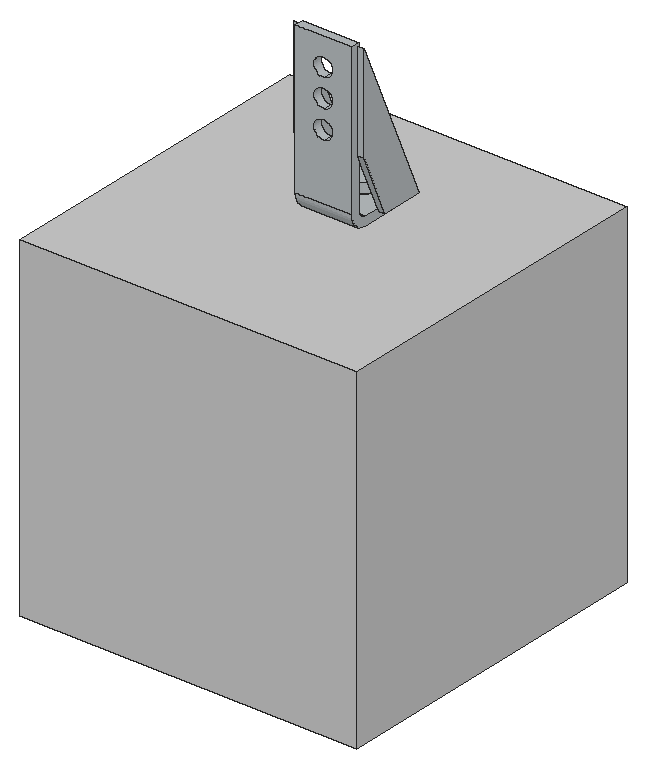
Revit family "REC-PARA150708T17-2", category Structural Connections, host Face, Revit 2024
Family settings
  Host = Face
  Material for Model Behavior = Steel
  Enable Cutting in Views = Yes
  Cut with Voids When Loaded = Yes
  Shared = No
Parameters (values of type "PARA150708T17-2")
  Visible = yes
  URL_Product_(Producto) = ""
  URL_DataSheet_(FichaTecnica) = ""
  URL_CE_Marking_(MarcadoCE) = ""
  Type IFC Predefined Type = "Brackets"
  Type Comments = ""
  URL = "https://recense.com/"
  Model = "PARA150708T17-2"
  Manufacturer = "RECENSE"
  Keynote_ESP = "Anclaje antivuelco para fijación de paneles a estructura de hormigón mediante la interposición de perfiles y/ó tornillos de anclaje expansivo."
  Keynote = "Anti-tilt anchor for fixing panels to concrete structures by means of interposing profiles and/or expansion anchor bolts."
  IFCExportType = Classification.Uniclass.Pr.Description  # "Brackets"
  IFCExportAs = "IfcElementAssembly"
  Fecha de Creacion: = "01/03/2024"
  Fecha Ultima Revision: = "01/03/2024"
  Export Type to IFC As = "IfcElementAssembly"
  Description_ESP = "Pletina angular reforzada antideslizante 150x70x50x8 mm, 3 TØ17 mm en un ala y un TØ17 en la otra."
  Description = "Non-slip reinforced angle plate 150x70x50x8 mm, with 3 holes Ø17 mm on one side and hole Ø17 mm on another side."
  Default Elevation = 0.0 mm
  Creado por: = "Deliprogal SL"
  Cost = 0
  Classification.Uniclass.Ss.Number = ""
  Classification.Uniclass.Ss.Description = ""
  Classification.Uniclass.Pr.Number = "Pr_20_85_09"
  Classification.Uniclass.Pr.Description = "Brackets"
  Classification.Uniclass.EF.Number = ""
  Classification.Uniclass.EF.Description = ""
  Classification.Space.Number = ""
  Classification.Space.Description = ""
  Classification.Facility.Number = ""
  Classification.Facility.Description = ""
  Assembly Code = ""
Reference planes
  plane 1 "Center (Front/Back)": y = 0
  plane 2: z = 0
  plane 3 "Center (Left/Right)": x = 0
Forms (mm)
  Extrusion 1, solid, material "REC_Base"
    sketch origin (0, -719.2, 0) x (1, 0, 0) y (0, 1, 0)
      loop
        line (-150, 869.2) -> (-150, 569.2) -> (150, 569.2) -> (150, 869.2) -> (-150, 869.2)
    from 0 to -300
  Extrusion 2, solid, material "REC_Acero, S 275JR (Zincado)"
    sketch origin (31, 0, 0) x (0, 0, 1) y (0, 1, 0)
      loop
        line (0, 70) -> (0, 16)
        arc (0, 16) -> (4.686, 4.686) -> (16, 0) r 16
        line (16, 0) -> (150, 0) -> (150, 8) -> (16, 8)
        arc (16, 8) -> (10.343, 10.343) -> (8, 16) r 8
        line (8, 16) -> (8, 70) -> (0, 70)
    from 6 to 56
  Extrusion 3, void
    sketch origin (31, 0, 0) x (0, 0, 1) y (-1, 0, 0)
      loop
        circle (75, 31) r 8.5
      loop
        circle (100, 31) r 8.5
      loop
        circle (125, 31) r 8.5
    from -8 to 0
  Extrusion 4, void
    sketch origin (31, 0, 0) x (0, 1, 0) y (-1, 0, 0)
      loop
        circle (45.009, 31) r 8.5
    from 0 to 8
  Extrusion 5, solid, material "REC_Acero, S 275JR (Zincado)"
    sketch origin (31, 0, 0) x (0, 0, 1) y (0, 1, 0)
      loop
        line (6, 29.809) -> (60.531, 6) -> (148, 6) -> (6, 68) -> (6, 29.809)
    from 56 to 62
  Extrusion 6, solid, material "REC_Acero, S 275JR (Zincado)"
    sketch origin (87, 0, 0) x (0, 0, 1) y (0, -1, 0)
      loop
        line (6, -29.809) -> (6, -68) -> (148, -6) -> (60.531, -6) -> (6, -29.809)
    from -62 to -56
Cuts and joins
  Extrusion 3, Extrusion 4 cuts Extrusion 2
  joined: Extrusion 2, Extrusion 5, Extrusion 6
Dimensions and locks
  aligned and locked: plane 2 to Extrusion 1
  aligned and locked: level to Extrusion 1
